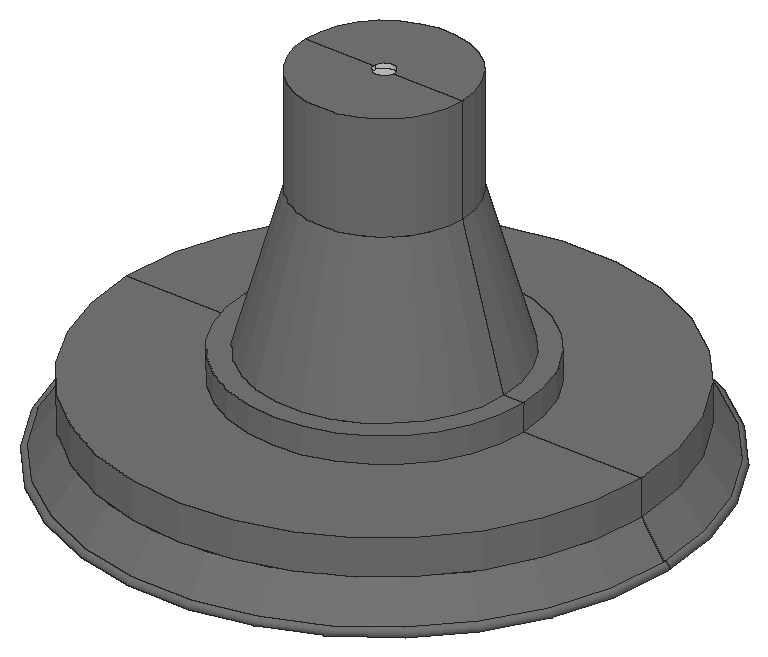
Revit family "UR14 SHADE", category Lighting Fixtures, Revit 2024
Family settings
  Round Connector Dimension = Use Diameter
  Part Type = Normal
  OmniClass Number = 23.80.70.00
  OmniClass Title = Lighting
  Work Plane-Based = No
  Always vertical = Yes
  Cut with Voids When Loaded = No
  Light Source = Yes
  Maintain Annotation Orientation = No
  Shared = No
  Room Calculation Point = No
Parameters
  Wattage = 12.1178 W
  built-in parameter 1150110 = 1 (stored number, unit not read)
  built-in parameter 1114217 = 1 (stored number, unit not read)
  built-in parameter 1150109 = 1 (stored number, unit not read)
  built-in parameter 1150134 = (empty or 0)
  built-in parameter 1150113 = 1 (stored number, unit not read)
  Lumens = 1800 lm
  built-in parameter 1150115 = 1 (stored number, unit not read)
  built-in parameter 1150105 = 572.96 (stored number, unit not read)
  Light Source Symbol Size = 2' - 0"
  built-in parameter 1150137 = (empty or 0)
  built-in parameter 1150139 = (empty or 0)
  built-in parameter 1150112 = 1 (stored number, unit not read)
  built-in parameter 1150114 = 1 (stored number, unit not read)
  built-in parameter 1150132 = 2
  built-in parameter 1150102 = (empty or 0)
  built-in parameter 1150138 = (empty or 0)
  built-in parameter 1150107 = 3000 (stored number, unit not read)
  built-in parameter 1150106 = 5.7296 (stored number, unit not read)
  built-in parameter 1150104 = 13.8 (stored number, unit not read)
  Dimming Lamp Color Temperature Shift = (empty or 0)
  Default Elevation = 0' - 0"
  Color Filter = 16777215
  built-in parameter 1114218 = 1 (stored number, unit not read)
  built-in parameter 1150133 = 10 (stored number, unit not read)
Reference planes (in)
  plane 1 "Light Source Axis (F/B)": y = 0
  plane 2: z = 0
  plane 3 "Light Source Axis (L/R)": x = 0
  plane 4 "Light Source Elevation": z = 54
Forms (in)
  Revolve 1, solid
    sketch origin (0, 0, 0) x (1, 0, 0) y (0, 0, 1)
      loop
        line (-1.97, 62.7775) -> (-1.97, 60.1275) -> (-3, 56.5275) -> (-3.5, 56.5275) -> (-3.5, 55.8875) -> (-6.4375, 55.8875) -> (-6.4375, 55.0125) -> (-7, 54.2)
        arc (-7, 54.2) -> (-7.08842, 54.02151) -> (-6.9279, 54.13945) r 0.1025
        line (-6.9279, 54.13945) -> (-6.34375, 54.98321) -> (-6.34375, 55.79375) -> (-3.40625, 55.79375) -> (-3.40625, 56.43375) -> (-2.92931, 56.43375) -> (-1.87625, 60.11435) -> (-1.87625, 62.68375) -> (-0.25, 62.68375) -> (-0.25, 62.7775) -> (-1.97, 62.7775)
      axis (0, 62.7775) -> (0, 54.13945)
    angle from 0 to 360
Dimensions and locks (in)
  aligned and locked: plane 3 "Light Source Axis (L/R)" to imposter light
  aligned and locked: plane 1 "Light Source Axis (F/B)" to imposter light
  aligned and locked: plane 4 "Light Source Elevation" to imposter light
  aligned and locked: level to plane 2
